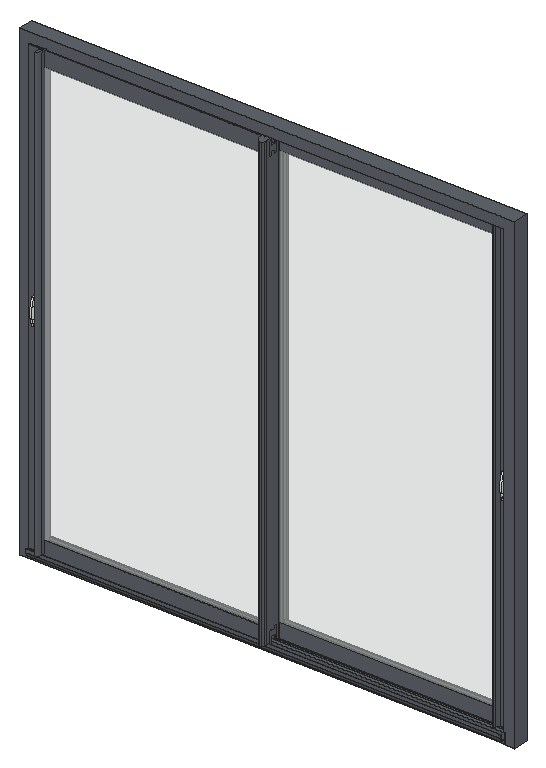
Revit family "Wicslide_65_Glass24_2_leaf_2_track_both_sliding_or_1_fixed_1slide", category Doors, host Wall, Revit 2014 (continued)
Definition of nested family "Leaf_Wicslide_65_2_leaf_2_track_both_sliding_or_1_fixed_1slide"
  Definition of nested family "wicona_handle_2d"
    Lines and regions (mm)
      model lines, style "PIECES", in view "Ref. Level", detail levels fine
        curve 8: line (-4.591, -26.312, 0) -> (4.591, -26.312, 0)
        curve 9: line (-5.814, -25, 0) -> (-6.068, -10.451, 0)
        curve 10: line (-6.068, -10.451, 0) -> (-6.221, -10.26, 0)
        curve 11: line (5.815, -24.927, 0) -> (6.068, -10.451, 0)
        curve 12: line (6.068, -10.451, 0) -> (6.221, -10.26, 0)
        curve 13: line (11.211, -7.242, 0) -> (10.341, -7.762, 0)
        curve 14: line (10.341, -7.762, 0) -> (9.463, -8.24, 0)
        curve 15: line (9.463, -8.24, 0) -> (8.565, -8.68, 0)
        curve 16: line (8.565, -8.68, 0) -> (7.649, -9.083, 0)
        curve 17: line (7.505, -9.142, 0) -> (7.006, -9.364, 0)
        curve 18: line (-13.393, -7.367, 0) -> (-13.886, -6.543, 0)
        curve 19: line (-13.886, -6.543, 0) -> (-14, 0, 0)
        curve 20: line (-14, 0, 0) -> (11.805, 0, 0)
        curve 21: line (11.805, 0, 0) -> (11.786, -1, 0)
        curve 22: line (11.786, -1, 0) -> (11.766, -2, 0)
        curve 23: line (11.766, -2, 0) -> (11.747, -2.999, 0)
        curve 24: line (11.747, -2.999, 0) -> (11.727, -3.999, 0)
        curve 25: line (11.727, -3.999, 0) -> (11.708, -4.999, 0)
        curve 26: line (11.708, -4.999, 0) -> (11.688, -5.999, 0)
        curve 27: line (11.688, -5.999, 0) -> (11.68, -6.413, 0)
        curve 28: line (12.793, -0.754, 0) -> (13.413, -1.137, 0)
        curve 29: line (13.413, -1.137, 0) -> (14.151, -1.812, 0)
        curve 30: line (14.151, -1.812, 0) -> (14.853, -2.523, 0)
        curve 31: line (14.853, -2.523, 0) -> (15.519, -3.269, 0)
        curve 32: line (15.519, -3.269, 0) -> (16.149, -4.046, 0)
        curve 33: line (16.149, -4.046, 0) -> (16.743, -4.851, 0)
        curve 34: line (16.743, -4.851, 0) -> (17.301, -5.68, 0)
        curve 35: line (17.301, -5.68, 0) -> (17.61, -6.174, 0)
        curve 36: line (12.052, -0.6, 0) -> (12.765, -0.743, 0)
        curve 37: line (17.643, -6.231, 0) -> (18.091, -7.125, 0)
        curve 38: line (18.091, -7.125, 0) -> (18.508, -8.034, 0)
        curve 39: line (18.508, -8.034, 0) -> (18.897, -8.955, 0)
        curve 40: line (18.897, -8.955, 0) -> (19.257, -9.888, 0)
        curve 41: line (19.257, -9.888, 0) -> (19.59, -10.831, 0)
        curve 42: line (19.59, -10.831, 0) -> (19.895, -11.783, 0)
        curve 43: line (19.895, -11.783, 0) -> (20.172, -12.744, 0)
        curve 44: line (20.172, -12.744, 0) -> (20.422, -13.712, 0)
        curve 45: line (20.422, -13.712, 0) -> (20.645, -14.687, 0)
        curve 46: line (20.645, -14.687, 0) -> (20.841, -15.667, 0)
        curve 47: line (20.841, -15.667, 0) -> (21.011, -16.653, 0)
        curve 48: line (21.011, -16.653, 0) -> (21.043, -16.863, 0)
        curve 49: line (21.043, -16.863, 0) -> (20.974, -17.852, 0)
        curve 50: line (20.974, -17.852, 0) -> (20.702, -18.43, 0)
        curve 51: line (20.702, -18.43, 0) -> (20.014, -19.149, 0)
        curve 52: line (20.014, -19.149, 0) -> (19.107, -19.554, 0)
        curve 53: line (19.107, -19.554, 0) -> (18.664, -19.6, 0)
        curve 54: line (18.664, -19.6, 0) -> (16.934, -19.6, 0)
        curve 55: line (16.934, -19.6, 0) -> (15.934, -19.6, 0)
        curve 56: line (15.934, -19.6, 0) -> (14.934, -19.6, 0)
        curve 57: line (14.934, -19.6, 0) -> (13.934, -19.6, 0)
        curve 58: line (13.934, -19.6, 0) -> (13.413, -19.6, 0)
        curve 59: line (13.413, -19.6, 0) -> (12.446, -19.377, 0)
        curve 60: line (12.446, -19.377, 0) -> (11.651, -18.781, 0)
        curve 61: line (11.651, -18.781, 0) -> (11.243, -18.216, 0)
        curve 62: line (11.243, -18.216, 0) -> (10.768, -17.336, 0)
        curve 63: line (10.768, -17.336, 0) -> (10.324, -16.441, 0)
        curve 64: line (10.324, -16.441, 0) -> (9.909, -15.531, 0)
        curve 65: line (9.909, -15.531, 0) -> (9.525, -14.608, 0)
        curve 66: line (9.525, -14.608, 0) -> (9.171, -13.672, 0)
        curve 67: line (9.162, -13.647, 0) -> (8.966, -12.67, 0)
        curve 68: line (8.963, -12.62, 0) -> (8.951, -12.312, 0)
        curve 69: arc (-5.814, -25, 0) -> (-5.429, -25.928, 0) -> (-4.501, -26.312, 0) r 1.312
        curve 70: arc (4.591, -26.312, 0) -> (5.454, -25.955, 0) -> (5.812, -25.091, 0) r 1.221
Definition of nested family "Leaf_Wicslide_65_2_leaf_2_track_both_sliding_or_1_fixed_1slide_right"
  Parameters (values of type "Leaf_Wicslide_65_2_leaf_2_track_both_sliding_or_1_fixed_1slide_right")
    Sash meeting 3041242 = yes
    Sash meeting 3041240 = no
    Sash meeting 3041241 = no
    Sash 1041263 = no
    Sash 1041260 = no
    Sash 1041261 = yes
    Sash 1041262 = no
    Handle Distance = if(Sash 1041260, 18 mm, if(Sash 1041261, 41 mm, if(Sash 1041262, 38 mm, 18 mm)))  # 41 mm
    Leaf Width = 896 mm
    Leaf Material = Aluminium
    Leaf Height = 1922 mm
    Handle Material = Aluminium
    Handle Height = 850 mm  # constant formula
    Glass Width = 24 mm
    Glass Offset 2 = 7 mm  # constant formula
    Glass Offset = 46.1 mm  # constant formula
    Glass Material = WICONA -  Glass
    Glas Offset Bottom = 46.6 mm
    Frame Material = Aluminium
  Reference planes
    plane 1 "Center (Front/Back)": y = 0
    plane 2: z = 0
    plane 3 "Center (Left/Right)": x = 0
    plane 4: x = 896
    plane 5: z = 1922
    plane 6: x = 46.1
    plane 7: x = 889
    plane 8: z = 1875.4
    plane 9: z = 46.6
    plane 10: z = 896.6
    plane 11: x = 58.1
    plane 12: y = -12.117
    plane 13: y = 11.883
    plane 14: y = 7.334
    plane 15: y = 31.334
    plane 16: x = -3.312
    plane 17: x = 899.312
    plane 18: z = 46.6
    plane 19: y = -41
    plane 20: x = 20
    plane 21: z = 960.237
    plane 22: z = 1923.516
    plane 23: x = -1.516
    plane 24: y = -22.045
    plane 25: z = -5.306
    plane 26: z = 25
    plane 27: z = 1932.5
    plane 28: z = 1902.5
  Forms (mm)
    Sweep 1, solid, material "Aluminium" <- "Leaf Material", visible <- "Sash 1041260"
      path origin (-1.381, 0, 34.551) x (1, 0, 0) y (0, 0, 1)
        loop
          line (0, -39.551) -> (0, 1897.949)
      profile origin (-1.381, 0, 963.75) x (-1, 0, 0) y (0, -1, 0)
        loop
          line (-59.481, -18) -> (8.519, -18) -> (8.519, -12.6) -> (-13.431, -12.6) -> (-13.431, 12.6) -> (8.519, 12.6) -> (8.519, 18) -> (-59.395, 18) -> (-59.395, 12.117) -> (-47.481, 12.117) -> (-47.481, -11.883) -> (-59.481, -11.883) -> (-59.481, -18)
    Extrusion 2, solid, material "WICONA -  Glass" <- "Glass Material", detail levels medium+fine
      sketch origin (-214.248, -550.766, -473.088) x (1, 0, 0) y (0, 0, 1)
        loop
          line (260.348, 2348.488) -> (260.348, 519.688) -> (1103.248, 519.688) -> (1103.248, 2348.488) -> (260.348, 2348.488)
      from -562.649 to -538.649
    Sweep 3, solid, material "Aluminium" <- "Leaf Material"
      path origin (0, 0, 0) x (1, 0, 0) y (0, 0, 1)
        loop
          line (12.05, 0) -> (914.975, 0)
      profile origin (463.512, 0, 0) x (0, 0, 1) y (0, -1, 0)
        loop
          line (-5.306, -16.029) -> (58.694, -16.029) -> (58.694, -11.883) -> (46.634, -11.883) -> (46.634, 12.117) -> (58.694, 12.117) -> (58.694, 16.171) -> (-5.306, 16.171) -> (-5.306, 12.671) -> (25, 12.671) -> (25, -12.517) -> (-5.306, -12.517) -> (-5.306, -16.029)
    Sweep 4, solid, material "Aluminium" <- "Leaf Material", visible <- "Sash meeting 3041240"
      path origin (0, 0, 0) x (1, 0, 0) y (0, 0, 1)
        loop
          line (896, 1932.5) -> (896, -5)
      profile origin (896, 0, 963.75) x (0, -1, 0) y (1, 0, 0)
        loop
          line (18, -19.026) -> (18, 0) -> (27.453, 0) -> (27.453, 18.975) -> (-18, 18.975) -> (-18, -19.026) -> (-12.117, -19.026) -> (-12.117, -7.023) -> (11.883, -7.023) -> (11.883, -19.026) -> (18, -19.026)
    Sweep 5, solid, material "Aluminium" <- "Leaf Material", visible <- "Sash 1041263"
      path origin (0, 0, 0) x (1, 0, 0) y (0, 0, 1)
        loop
          line (0, -5) -> (0, 1932.5)
      profile origin (0, 0, 963.75) x (-1, 0, 0) y (0, -1, 0)
        loop
          line (9.9, -18) -> (9.9, -12.6) -> (-12.05, -12.6) -> (-12.05, 12.6) -> (9.9, 12.6) -> (9.9, 18) -> (-41.1, 18) -> (-41.1, 43) -> (-42.787, 50.915) -> (-43.872, 52) -> (-47.182, 52)
          arc (-47.182, 52) -> (-54.565, 40.341) -> (-58.1, 27) r 45.352
          line (-58.1, 27) -> (-58.1, -18) -> (9.9, -18)
    Sweep 6, solid, material "Aluminium" <- "Leaf Material", visible <- "Sash 1041262"
      path origin (0, 0, 0) x (1, 0, 0) y (0, 0, 1)
        loop
          line (0, -5.306) -> (0, 1932.5)
      profile origin (0, 0, 963.597) x (-1, 0, 0) y (0, -1, 0)
        loop
          line (-58.1, -18) -> (9.9, -18) -> (9.9, -12.6) -> (-12.05, -12.6) -> (-12.05, 12.6) -> (9.9, 12.6) -> (9.9, 18) -> (-6.1, 18) -> (-6.1, 38) -> (-58.1, 38) -> (-58.1, 12.117) -> (-46.1, 12.117) -> (-46.1, -11.883) -> (-58.1, -11.883) -> (-58.1, -18)
    Sweep 7, solid, material "Aluminium" <- "Leaf Material", visible <- "Sash 1041261"
      path origin (0, 0, 0) x (1, 0, 0) y (0, 0, 1)
        loop
          line (0, -5.306) -> (0, 1932.5)
      profile origin (0, 0, 963.597) x (-1, 0, 0) y (0, -1, 0)
        loop
          line (9.9, -18) -> (9.9, -12.6) -> (-12.05, -12.6) -> (-12.05, 12.6) -> (9.9, 12.6) -> (9.9, 41) -> (-58.1, 41) -> (-58.1, 12.117) -> (-46.136, 12.117) -> (-46.136, -11.883) -> (-58.1, -11.883) -> (-58.1, -18) -> (9.9, -18)
    Sweep 8, solid, material "Aluminium" <- "Leaf Material", visible <- "Sash meeting 3041242"
      path origin (0, 0, 0) x (1, 0, 0) y (0, 0, 1)
        loop
          line (896, -5) -> (896, 1932.5)
      profile origin (896, 0, 963.75) x (-1, 0, 0) y (0, -1, 0)
        loop
          line (0, 27.453) -> (-18.975, 27.453) -> (-18.975, -37.547) -> (-17.979, -45.657) -> (-14.994, -56.798) -> (-13.135, -57.8) -> (-7.45, -57.8)
          arc (-7.45, -57.8) -> (9.037, -45.04) -> (19.026, -26.74) r 50.906
          line (19.026, -26.74) -> (19.026, -12.117) -> (7, -12.117) -> (7, 11.883) -> (19.026, 11.883) -> (19.026, 18) -> (0, 18) -> (0, 27.453)
    Sweep 9, solid, material "Aluminium" <- "Leaf Material", visible <- "Sash meeting 3041241"
      path origin (0, 0, 0) x (1, 0, 0) y (0, 0, 1)
        loop
          line (896, -5) -> (896, 1932.5)
      profile origin (896, 0, 963.75) x (-1, 0, 0) y (0, -1, 0)
        loop
          line (0, 27.453) -> (-18.975, 27.453) -> (-18.975, -52.8) -> (19.026, -52.8) -> (19.026, -12.117) -> (7.023, -12.117) -> (7.023, 11.883) -> (19.026, 11.883) -> (19.026, 18) -> (0, 18) -> (0, 27.453)
    Sweep 10, solid, material "Aluminium" <- "Leaf Material"
      path origin (0, 0, 0) x (1, 0, 0) y (0, 0, 1)
        loop
          line (12.05, 1922) -> (914.975, 1922)
      profile origin (463.512, 0, 1922) x (0, 0, 1) y (0, -1, 0)
        loop
          line (10.5, 16.029) -> (-57.541, 16.029) -> (-57.541, 12.037) -> (-41.44, 12.037) -> (-41.44, -11.963) -> (-57.541, -11.963) -> (-57.541, -16.171) -> (10.5, -16.171) -> (10.5, -12.671) -> (-19.5, -12.671) -> (-19.5, 12.529) -> (10.5, 12.529) -> (10.5, 16.029)
    Extrusion 11, void
      sketch origin (0, 0, 0) x (1, 0, 0) y (0, 1, 0)
        loop
          line (921.29, 11.883) -> (889, 11.883) -> (889, -12.117) -> (921.29, -12.117) -> (921.29, 11.883)
      from -5.306 to 25
    Extrusion 12, void
      sketch origin (0, 0, 0) x (1, 0, 0) y (0, 1, 0)
        loop
          line (920.814, 11.883) -> (889, 11.883) -> (889, -12.117) -> (920.814, -12.117) -> (920.814, 11.883)
      from 1902.5 to 1932.5
  Cuts and joins
    Extrusion 11, Extrusion 12 cuts Extrusion 2
    Extrusion 11, Extrusion 12 cuts Sweep 3
    Extrusion 11 cuts Sweep 4
    Extrusion 11, Extrusion 12 cuts Sweep 8
    Extrusion 11 cuts Sweep 9
  Lines and regions (mm)
    symbolic lines, style "GenericModel", detail levels medium+fine
      curve 1: line (62.7, 0, 0) -> (874, 0, 0)
      curve 2: line (0, 11.883, 1875.4) -> (0, 11.883, 46.6)
      curve 3: line (0, -12.117, 1875.4) -> (0, -12.117, 46.6)
      curve 4: line (0, 0, 1875.4) -> (0, 0, 46.6)
      curve 5: line (46.1, 0, 0) -> (889, 0, 0)
  Dimensions and locks
    "Leaf Width": plane 3 "Center (Left/Right)" to plane 4
    "Leaf Height": plane 5 to level
    "Glass Offset": plane 3 "Center (Left/Right)" to plane 6
    "Glass Offset 2": plane 7 to plane 4
    "Glas Offset Bottom": plane 5 to plane 8
    level to plane 10 = 896.6 mm
    "Glass Width": plane 15 to plane 14
    "Handle Height": plane 10 to plane 9
    "Glas Offset Bottom": plane 9 to level
    locked: plane 3 "Center (Left/Right)" to plane 16 at 3.312
    locked: plane 17 to plane 4 at 3.312
    locked: plane 3 "Center (Left/Right)" to plane 20 at 20
    "Handle Distance": plane 19 to plane 1 "Center (Front/Back)"
    plane 21 to level = 960.237 mm
    plane 24 to plane 1 "Center (Front/Back)" = 22.045 mm
    plane 26 to level to plane 25 = 25 mm locked, 5.306 mm locked
    plane 27 to plane 5 to plane 28 = 10.5 mm locked, 19.5 mm locked
    aligned and locked: level to plane 2
    aligned and locked: plane 6 to nested 1
    aligned and locked: plane 7 to nested 1
    aligned and locked: plane 12 to nested 1
    aligned and locked: nested 2 to plane 8
    aligned and locked: nested 2 to plane 9
    aligned and locked: plane 12 to nested 2
    aligned and locked: plane 6 to curve 5
    aligned and locked: plane 7 to curve 5
    aligned and locked: plane 9 to plane 18
    aligned and locked: nested 3 to plane 3 "Center (Left/Right)"
    aligned and locked: nested 3 to plane 1 "Center (Front/Back)"
    aligned and locked: nested 4 to level
    aligned and locked: nested 4 to plane 1 "Center (Front/Back)"
    aligned and locked: nested 5 to plane 1 "Center (Front/Back)"
    aligned and locked: nested 5 to plane 3 "Center (Left/Right)"
    aligned and locked: nested 6 to plane 1 "Center (Front/Back)"
    aligned and locked: nested 6 to plane 3 "Center (Left/Right)"
    aligned and locked: nested 7 to plane 1 "Center (Front/Back)"
    aligned and locked: nested 7 to plane 3 "Center (Left/Right)"
    aligned and locked: Extrusion 2 to plane 6
    aligned and locked: plane 7 to Extrusion 2
    aligned and locked: plane 8 to Extrusion 2
    aligned and locked: Extrusion 2 to plane 9
    aligned and locked: Extrusion 2 to plane 13
    aligned and locked: plane 12 to Extrusion 2
    aligned and locked: nested 8 to plane 1 "Center (Front/Back)"
    aligned and locked: nested 7 to nested 8
    aligned and locked: plane 19 to nested 9
    aligned and locked: nested 9 to plane 20
    aligned and locked: plane 21 to nested 9
    aligned and locked: plane 5 to nested 10
    aligned and locked: plane 1 "Center (Front/Back)" to nested 10
    aligned and locked: Sweep 10 to Sweep 4 sketch curve
    aligned and locked: Sweep 10 to Sweep 9 sketch curve
    aligned and locked: Sweep 10 to Sweep 8 sketch curve
    aligned and locked: Sweep 10 to Sweep 7 sketch curve
    aligned and locked: Sweep 10 to Sweep 6 sketch curve
    aligned and locked: Sweep 10 to Sweep 5 sketch curve
    aligned and locked: Sweep 10 to Sweep 1 sketch curve
    aligned and locked: nested 11 to plane 4
    aligned and locked: nested 11 to plane 1 "Center (Front/Back)"
    aligned and locked: nested 13 to plane 4
    aligned and locked: nested 13 to plane 1 "Center (Front/Back)"
    aligned and locked: nested 12 to plane 1 "Center (Front/Back)"
    aligned and locked: nested 12 to plane 4
    aligned and locked: Sweep 7 to Sweep 3 sketch curve
    aligned and locked: nested 14 to plane 19
    aligned and locked: nested 14 to plane 20
    aligned and locked: cut or joined group of Sweep 9, Extrusion 11 to plane 25
    aligned and locked: cut or joined group of Sweep 9, Extrusion 11 to plane 7
    aligned and locked: plane 26 to cut or joined group of Sweep 9, Extrusion 11
    aligned and locked: plane 27 to cut or joined group of Sweep 8, Extrusion 11, Extrusion 12
    aligned and locked: cut or joined group of Sweep 8, Extrusion 11, Extrusion 12 to plane 7
    aligned and locked: cut or joined group of Sweep 8, Extrusion 11, Extrusion 12 to plane 28
  Automatic sketch dimensions
    curve 3 to plane 8 = 0 mm
    curve 3 to plane 12 = 0 mm
    curve 4 to plane 1 "Center (Front/Back)" = 0 mm
    curve 2 to plane 9 = 0 mm
    curve 2 to plane 13 = 0 mm
    curve 3 to plane 9 = 0 mm
    curve 4 to plane 9 = 0 mm
    curve 4 to plane 8 = 0 mm
    curve 2 to plane 8 = 0 mm
    plane 1 "Center (Front/Back)" to curve 1 = 0 mm
    plane 1 "Center (Front/Back)" to curve 5 = 0 mm
    curve 1 to plane 11 = 4.6 mm
    curve 1 to plane 7 = 15 mm
    plane 23 to Sweep 1 sketch curve = 0.135 mm
    plane 25 to Sweep 1 sketch curve = 0.306 mm
    Sweep 1 sketch curve to profile plane = 11.883 mm
    profile plane to Sweep 1 sketch curve = 59.481 mm
    Sweep 1 sketch curve to Sweep 1 sketch curve = 0.086 mm
    Sweep 1 sketch curve to Sweep 1 sketch curve = 11.914 mm
    profile plane to Sweep 1 sketch curve = 13.431 mm
    Sweep 1 sketch curve to profile plane = 8.519 mm  (x2)
    Sweep 1 sketch curve to profile plane = 12.6 mm
    Sweep 1 sketch curve to Sweep 1 sketch curve = 6.117 mm
    profile plane to Sweep 1 sketch curve = 12.117 mm
    profile plane to Sweep 1 sketch curve = 12.6 mm
    Sweep 1 sketch curve to Sweep 1 sketch curve = 5.4 mm
    Extrusion 2 sketch curve to plane 6 = 0 mm
    Extrusion 2 sketch curve to plane 7 = 0 mm
    Extrusion 2 sketch curve to plane 9 = 0 mm
    Extrusion 2 sketch curve to plane 8 = 0 mm
    Sweep 3 sketch curve to level = 0 mm
    plane 17 to Sweep 3 sketch curve = 15.663 mm
    profile plane to Sweep 3 sketch curve = 5.306 mm  (x2)
    Sweep 3 sketch curve to plane 18 = 21.6 mm
    plane 18 to Sweep 3 sketch curve = 0.034 mm
    plane 18 to Sweep 3 sketch curve = 12.094 mm
    Sweep 3 sketch curve to Sweep 3 sketch curve = 12.06 mm
    Sweep 3 sketch curve to plane 1 "Center (Front/Back)" = 16.029 mm
    Sweep 3 sketch curve to Sweep 3 sketch curve = 3.512 mm
    Sweep 3 sketch curve to plane 1 "Center (Front/Back)" = 11.883 mm
    plane 1 "Center (Front/Back)" to Sweep 3 sketch curve = 12.117 mm
    plane 1 "Center (Front/Back)" to Sweep 3 sketch curve = 12.671 mm
    Sweep 3 sketch curve to Sweep 3 sketch curve = 4.054 mm
    Sweep 4 sketch curve to plane 4 = 0 mm
    plane 25 to Sweep 4 sketch curve = 0.306 mm
    Sweep 4 sketch curve to profile plane = 0 mm
    Sweep 4 sketch curve to plane 1 "Center (Front/Back)" = 18 mm
    Sweep 4 sketch curve to Sweep 4 sketch curve = 5.883 mm
    plane 1 "Center (Front/Back)" to Sweep 4 sketch curve = 11.883 mm
    Sweep 4 sketch curve to Sweep 4 sketch curve = 6.117 mm
    Sweep 4 sketch curve to Sweep 4 sketch curve = 9.453 mm
    profile plane to Sweep 4 sketch curve = 7.023 mm
    Sweep 4 sketch curve to Sweep 4 sketch curve = 12.003 mm  (x2)
    Sweep 4 sketch curve to profile plane = 18.975 mm
    Sweep 5 sketch curve to plane 3 "Center (Left/Right)" = 0 mm
    plane 25 to Sweep 5 sketch curve = 0.306 mm
    Sweep 5 sketch curve to plane 1 "Center (Front/Back)" = 18 mm
    profile plane to Sweep 5 sketch curve = 58.1 mm
    Sweep 5 sketch curve to Sweep 5 sketch curve = 10.918 mm
    Sweep 5 sketch curve to Sweep 5 sketch curve = 3.31 mm
    Sweep 5 sketch curve to Sweep 5 sketch curve = 1.085 mm  (x2)
    Sweep 5 sketch curve to Sweep 5 sketch curve = 1.687 mm
    profile plane to Sweep 5 sketch curve = 13.004 mm
    Sweep 5 sketch curve to Sweep 5 sketch curve = 0.954 mm
    Sweep 5 sketch curve to profile plane = 9.9 mm  (x2)
    Sweep 5 sketch curve to plane 1 "Center (Front/Back)" = 12.6 mm
    plane 1 "Center (Front/Back)" to Sweep 5 sketch curve = 12.6 mm
    Sweep 5 sketch curve to Sweep 5 sketch curve = 5.4 mm
    Sweep 5 sketch curve to Sweep 5 sketch curve = 9.59 mm
    Sweep 5 sketch curve to Sweep 5 sketch curve = 9 mm  (x2)
    Sweep 6 sketch curve to plane 3 "Center (Left/Right)" = 0 mm
    Sweep 6 sketch curve to plane 25 = 0 mm
    Sweep 6 sketch curve to plane 1 "Center (Front/Back)" = 18 mm
    profile plane to Sweep 6 sketch curve = 58.1 mm
    Sweep 6 sketch curve to Sweep 6 sketch curve = 0 mm
    Sweep 6 sketch curve to Sweep 6 sketch curve = 12 mm
    profile plane to Sweep 6 sketch curve = 12.05 mm
    profile plane to Sweep 6 sketch curve = 6.1 mm
    Sweep 6 sketch curve to profile plane = 9.9 mm  (x2)
    Sweep 6 sketch curve to Sweep 6 sketch curve = 5.4 mm  (x2)
    Sweep 6 sketch curve to Sweep 6 sketch curve = 6.117 mm
    plane 1 "Center (Front/Back)" to Sweep 6 sketch curve = 12.117 mm
    plane 1 "Center (Front/Back)" to Sweep 6 sketch curve = 12.6 mm
    Sweep 6 sketch curve to Sweep 6 sketch curve = 25.883 mm
    Sweep 7 sketch curve to plane 3 "Center (Left/Right)" = 0 mm
    Sweep 7 sketch curve to plane 25 = 0 mm
    profile plane to Sweep 7 sketch curve = 58.1 mm
    Sweep 7 sketch curve to Sweep 7 sketch curve = 0 mm
    Sweep 7 sketch curve to Sweep 7 sketch curve = 11.964 mm
    profile plane to Sweep 7 sketch curve = 12.05 mm
    Sweep 7 sketch curve to profile plane = 9.9 mm  (x2)
    Sweep 7 sketch curve to plane 1 "Center (Front/Back)" = 18 mm
    Sweep 7 sketch curve to Sweep 7 sketch curve = 5.4 mm
    Sweep 7 sketch curve to plane 1 "Center (Front/Back)" = 11.883 mm
    plane 1 "Center (Front/Back)" to Sweep 7 sketch curve = 12.117 mm
    plane 1 "Center (Front/Back)" to Sweep 7 sketch curve = 12.6 mm
    Sweep 7 sketch curve to Sweep 7 sketch curve = 28.4 mm
    Sweep 8 sketch curve to plane 4 = 0 mm
    plane 25 to Sweep 8 sketch curve = 0.306 mm
    Sweep 8 sketch curve to profile plane = 0 mm
    profile plane to Sweep 8 sketch curve = 7.45 mm
    Sweep 8 sketch curve to Sweep 8 sketch curve = 5.685 mm
    Sweep 8 sketch curve to Sweep 8 sketch curve = 1.859 mm
    Sweep 8 sketch curve to Sweep 8 sketch curve = 2.985 mm
    profile plane to Sweep 8 sketch curve = 18.975 mm
    Sweep 8 sketch curve to plane 1 "Center (Front/Back)" = 12.015 mm
    Sweep 8 sketch curve to Sweep 8 sketch curve = 10.729 mm
    Sweep 8 sketch curve to profile plane = 7 mm
    Sweep 8 sketch curve to Sweep 8 sketch curve = 12.026 mm  (x2)
    Sweep 8 sketch curve to plane 1 "Center (Front/Back)" = 12.117 mm
    Sweep 8 sketch curve to Sweep 8 sketch curve = 14.623 mm
    Sweep 8 sketch curve to Sweep 8 sketch curve = 20.253 mm
    Sweep 8 sketch curve to Sweep 8 sketch curve = 8.11 mm
    Sweep 8 sketch curve to Sweep 8 sketch curve = 1.002 mm
    plane 1 "Center (Front/Back)" to Sweep 8 sketch curve = 11.883 mm
    Sweep 8 sketch curve to Sweep 8 sketch curve = 6.117 mm
    Sweep 8 sketch curve to Sweep 8 sketch curve = 9.453 mm
    Sweep 9 sketch curve to plane 4 = 0 mm
    plane 25 to Sweep 9 sketch curve = 0.306 mm
    Sweep 9 sketch curve to profile plane = 0 mm
    profile plane to Sweep 9 sketch curve = 18.975 mm
    Sweep 9 sketch curve to profile plane = 7.023 mm
    Sweep 9 sketch curve to profile plane = 19.026 mm
    Sweep 9 sketch curve to Sweep 9 sketch curve = 12.003 mm
    Sweep 9 sketch curve to plane 1 "Center (Front/Back)" = 52.8 mm
    Sweep 9 sketch curve to plane 1 "Center (Front/Back)" = 12.117 mm
    plane 1 "Center (Front/Back)" to Sweep 9 sketch curve = 11.883 mm
    Sweep 9 sketch curve to Sweep 9 sketch curve = 6.117 mm
    Sweep 9 sketch curve to Sweep 9 sketch curve = 9.453 mm
    Sweep 10 sketch curve to plane 5 = 0 mm
    plane 20 to Sweep 10 sketch curve = 7.95 mm
    plane 17 to Sweep 10 sketch curve = 15.663 mm
    Sweep 10 sketch curve to plane 1 "Center (Front/Back)" = 16.171 mm
    profile plane to Sweep 10 sketch curve = 57.541 mm
    Sweep 10 sketch curve to Sweep 10 sketch curve = 0 mm
    Sweep 10 sketch curve to Sweep 10 sketch curve = 16.102 mm
    profile plane to Sweep 10 sketch curve = 19.5 mm
    Sweep 10 sketch curve to profile plane = 10.5 mm  (x2)
    Sweep 10 sketch curve to plane 1 "Center (Front/Back)" = 12.671 mm
    Sweep 10 sketch curve to Sweep 10 sketch curve = 4.208 mm
    plane 1 "Center (Front/Back)" to Sweep 10 sketch curve = 12.037 mm
    plane 1 "Center (Front/Back)" to Sweep 10 sketch curve = 12.529 mm
    Sweep 10 sketch curve to Sweep 10 sketch curve = 3.5 mm
    Extrusion 11 sketch curve to plane 7 = 0 mm
    plane 12 to Extrusion 11 sketch curve = 0 mm
    plane 13 to Extrusion 11 sketch curve = 0 mm
    plane 17 to Extrusion 11 sketch curve = 21.977 mm
    plane 7 to Extrusion 12 sketch curve = 0 mm
    plane 12 to Extrusion 12 sketch curve = 0 mm
    plane 13 to Extrusion 12 sketch curve = 0 mm
    plane 17 to Extrusion 12 sketch curve = 21.502 mm
  Nested families
    nested 1: "window_2_pieces_glass_line" at (46.1, -12.117, 0), type "T24"
      with built-in parameter 1001306 2.7654 (stored number, unit not read)
    nested 2: "window_2_pieces_glass_line" at (0, -12.117, 1875.4) x (0, 0, -1) z (1, 0, 0), type "T24"
      with built-in parameter 1001306 6 (stored number, unit not read)
    nested 3: "Sash Verticals_1041260" at (-9.9, 18, 0), visible <- "Sash 1041260", type "Sash Verticals_1041260"
    nested 4: "Sash_horizontal_1041264" at (0, 0, 0) x (0, 1, 0) z (1, 0, 0), type "Sash_horizontal_1041264"
    nested 5: "Sash Verticals_1041261" at (-9.9, 18, 0), visible <- "Sash 1041261", type "Sash Verticals_1041261"
    nested 6: "Sash Verticals_1041262" at (-9.9, 18, 0), visible <- "Sash 1041262", type "Sash Verticals_1041262"
    nested 7: "Sash Verticals_1041263" at (-9.9, 18, 0), visible <- "Sash 1041263", type "Sash Verticals_1041263"
    nested 8: "Sash_lock" at (-9.884, 18, 0), type "Sash_lock"
    nested 9: "wicona_handle_2" at (20, -41, 956.633) x (-1, 0, 0) z (0, 0, 1), type "wicona_handle_2", detail levels medium+fine
    nested 10: "Sash_horizontal_1041264" at (0, 0, 1927.194) x (0, -1, 0) z (1, 0, 0), type "Sash_horizontal_1041264"
    nested 11: "Sash meeting 3041240" at (896, -18, 0), visible <- "Sash meeting 3041240", type "Sash meeting 3041240"
    nested 12: "Sash meeting_3041242" at (896, -18, 0), visible <- "Sash meeting 3041242", type "Sash meeting_3041242"
    nested 13: "Sash meeting_3041241" at (896, -18, 0), visible <- "Sash meeting 3041241", type "Sash meeting_3041241"
    nested 14: "wicona_handle_2d" at (20, -41, 0), type "wicona_handle_2d"
  Definition of nested family "wicona_handle_2"
    Parameters (values of type "wicona_handle_2")
      Leaf Thickness = 119.445 mm
      Handle Material = Aluminium
    Reference planes
      plane 1 "Center (Front/Back)": y = 0
      plane 2: z = 0
      plane 3 "Center (Left/Right)": x = 0
      plane 4: x = -12.5
      plane 5: x = 12.5
      plane 6: y = -25
    Forms (mm)
      Extrusion 1, solid, material "Aluminium" <- "Handle Material"
        sketch origin (0, 0, 0) x (1, 0, 0) y (0, 0, 1)
          loop
            line (0, 24.936) -> (0, -24.936)
            arc (0, -24.936) -> (9.865, 0) -> (0, 24.936) r 36.45
        from 0 to 7.131
      Extrusion 2, solid, material "Aluminium" <- "Handle Material"
        sketch origin (0, 0, 0) x (0, 1, 0) y (0, 0, 1)
          loop
            line (0, 61.209) -> (-11.38, 61.209)
            arc (-11.38, 61.209) -> (-25.13, 4.31) -> (-11.38, -52.589) r 124.599
            line (-11.38, -52.589) -> (0, -52.589) -> (0, 61.209)
        from -4.798 to 4.287
      Extrusion 3, solid, material "Aluminium" <- "Handle Material"
        sketch origin (-0.471, 0, 3.281) x (0.788011, 0, 0.615661) y (-0.615661, 0, 0.788011)
          loop
            line (-12.5, 3.457) -> (-12.5, -1.543) -> (2.5, -1.543) -> (2.5, 3.457) -> (-12.5, 3.457)
        from 0 to 7.131
    Dimensions and locks
      aligned and locked: level to plane 2
  Definition of nested family "window_2_pieces_glass_line"
    Parameters (values of type "T24")
      v1 = 5 mm
      line = 10 mm
      built-in parameter 1001306 [instance] = 1200 mm
      Glass Thickness = 24 mm
    Reference planes
      plane 1 "Center (Front/Back)": y = 0
      plane 2: z = 0
      plane 3 "Left": x = 0
      plane 4 "Right": x = 1200
      plane 5: y = 24
      plane 6: y = 5
      plane 7: y = 19
      plane 8: x = 10
      plane 9: x = 1190
    Lines and regions (mm)
      reference lines, in view "Ref. Level"
        curve 1: line (0, 0, 0) -> (1200, 0, 0)
      detail lines, in view "Ref. Level", detail levels medium+fine
        curve 2: line (0, 24, 0) -> (1200, 24, 0)
        curve 3: line (0, 0, 0) -> (1200, 0, 0)
      detail lines, in view "Ref. Level", detail levels fine
        curve 4: line (0, 19, 0) -> (1200, 19, 0)
        curve 5: line (0, 5, 0) -> (1200, 5, 0)
      model lines, style "DetailComponents", in view "Ref. Level", detail levels fine
        curve 6: line (10, 19, 0) -> (10, 5, 0)
      detail lines, style "DetailComponents", in view "Ref. Level", detail levels fine
        curve 7: line (1190, 19, 0) -> (1190, 5, 0)
      model lines, style "DetailComponents", in view "Ref. Level", detail levels medium+fine
        curve 8: line (1200, 24, 0) -> (1200, 0, 0)
      detail lines, style "DetailComponents", in view "Ref. Level", detail levels medium+fine
        curve 9: line (0, 24, 0) -> (0, 0, 0)
    Dimensions and locks
      "built-in parameter 1001306": plane 3 "Left" to plane 4 "Right"
      "Glass Thickness": plane 5 to plane 1 "Center (Front/Back)"
      plane 5 to plane 1 "Center (Front/Back)" = 24 mm
      "v1": plane 5 to plane 7
      "v1": plane 6 to plane 1 "Center (Front/Back)"
      "line": plane 3 "Left" to plane 8
      "line": plane 9 to plane 4 "Right"
      aligned and locked: plane 1 "Center (Front/Back)" to curve 1
      aligned and locked: plane 3 "Left" to curve 1
      aligned and locked: plane 4 "Right" to curve 1
      aligned and locked: plane 5 to curve 2
      aligned and locked: plane 7 to curve 4
      aligned and locked: plane 6 to curve 5
      aligned and locked: curve 5 to curve 6
      aligned and locked: curve 6 to plane 8
      aligned and locked: curve 5 to curve 7
      aligned and locked: curve 7 to plane 9
      aligned and locked: plane 1 "Center (Front/Back)" to curve 9
      aligned and locked: curve 9 to plane 3 "Left"
      aligned and locked: curve 2 to curve 8
      aligned and locked: curve 3 to curve 8
      aligned and locked: curve 8 to plane 4 "Right"
      aligned and locked: curve 4 to curve 7
      aligned and locked: curve 4 to curve 6
    Automatic sketch dimensions
      curve 5 to plane 4 "Right" = 0 mm
      curve 4 to plane 4 "Right" = 0 mm
      curve 3 to plane 4 "Right" = 0 mm
      curve 2 to plane 4 "Right" = 0 mm
  Definition of nested family "Sash Verticals_1041260"
    Reference planes
      plane 1 "Center (Front/Back)": y = 0
      plane 2: z = 0
      plane 3 "Center (Left/Right)": x = 0
      plane 4: y = -36
      plane 5: y = -18
    Lines and regions (mm)
      Filled region 1, type "Concrete", in view "Ref. Level", detail levels medium
        outline origin (18.997, 3.58, 0) x (1, 0, 0) y (0, 1, 0)
          loop
            line (-18.997, -3.58) -> (-18.997, -39.58) -> (49.003, -39.58) -> (49.003, -33.697) -> (37.039, -33.697) -> (37.039, -9.697) -> (49.003, -9.697) -> (49.003, -3.58) -> (-18.997, -3.58)
      model lines, style "GLAS", in view "Ref. Level", detail levels fine
        curve 1: line (96.036, -6.117, 0) -> (56.036, -6.117, 0)
        curve 2: line (56.036, -6.117, 0) -> (56.036, -30.117, 0)
        curve 3: line (56.036, -30.117, 0) -> (96.036, -30.117, 0)
  Definition of nested family "Sash_horizontal_1041264"
    Reference planes
      plane 1 "Center (Front/Back)": y = 0
      plane 2: z = 0
      plane 3 "Center (Left/Right)": x = 0
    Lines and regions (mm)
      Filled region 1, type "Concrete", in view "Ref. Level", detail levels medium
        outline origin (18.997, 3.58, 0) x (1, 0, 0) y (0, 1, 0)
          loop
            line (-35.168, -8.845) -> (-2.968, -8.845) -> (-2.968, 59.155) -> (-6.959, 59.155) -> (-6.959, 43.054) -> (-30.959, 43.054) -> (-30.959, 59.155) -> (-35.168, 59.155) -> (-35.168, -8.845)
      detail lines, style "GLAS", in view "Ref. Level", detail levels fine
        curve 1: line (-11.963, 46.634, 0) -> (-11.963, 86.634, 0)
        curve 2: line (12.037, 86.634, 0) -> (12.037, 46.634, 0)
        curve 26: line (-11.963, 86.634, 0) -> (-11.963, 46.634, 0)
        curve 27: line (-11.963, 46.634, 0) -> (12.037, 46.634, 0)
        curve 28: line (12.037, 46.634, 0) -> (12.037, 86.634, 0)
      detail lines, style "CENT3", in view "Ref. Level", not visible
        curve 3: line (123.517, -4.599, 0) -> (123.517, -38.599, 0)
      detail lines, style "GLAS", in view "Ref. Level", not visible
        curve 4: line (83.517, -9.599, 0) -> (123.517, -9.599, 0)
        curve 5: line (123.517, -9.599, 0) -> (123.517, -14.599, 0)
        curve 6: line (123.517, -14.599, 0) -> (83.517, -14.599, 0)
        curve 7: line (83.517, -14.599, 0) -> (83.517, -9.599, 0)
        curve 8: line (83.517, -28.599, 0) -> (123.517, -28.599, 0)
        curve 9: line (123.517, -28.599, 0) -> (123.517, -33.599, 0)
        curve 10: line (123.517, -33.599, 0) -> (83.517, -33.599, 0)
        curve 11: line (83.517, -33.599, 0) -> (83.517, -28.599, 0)
        curve 12: line (83.517, -10.599, 0) -> (123.517, -10.599, 0)
        curve 13: line (83.517, -11.599, 0) -> (123.517, -11.599, 0)
        curve 14: line (83.517, -12.599, 0) -> (123.517, -12.599, 0)
        curve 15: line (83.517, -13.599, 0) -> (123.517, -13.599, 0)
        curve 16: line (83.517, -14.599, 0) -> (123.517, -14.599, 0)
        curve 17: line (93.517, -14.599, 0) -> (93.517, -28.599, 0)
        curve 18: line (83.517, -28.599, 0) -> (123.517, -28.599, 0)
        curve 19: line (83.517, -29.599, 0) -> (123.517, -29.599, 0)
        curve 20: line (83.517, -30.599, 0) -> (123.517, -30.599, 0)
        curve 21: line (83.517, -31.599, 0) -> (123.517, -31.599, 0)
        curve 22: line (83.517, -32.599, 0) -> (123.517, -32.599, 0)
        curve 23: line (123.517, -9.599, 0) -> (83.517, -9.599, 0)
        curve 24: line (83.517, -9.599, 0) -> (83.517, -33.599, 0)
        curve 25: line (83.517, -33.599, 0) -> (123.517, -33.599, 0)
      detail lines, style "GLAS", in view "Ref. Level", not visible, detail levels fine
        curve 29: line (56.036, -6.117, 0) -> (96.036, -6.117, 0)
        curve 30: line (96.036, -30.117, 0) -> (56.036, -30.117, 0)
        curve 31: line (96.036, -6.117, 0) -> (56.036, -6.117, 0)
        curve 32: line (56.036, -6.117, 0) -> (56.036, -30.117, 0)
        curve 33: line (56.036, -30.117, 0) -> (96.036, -30.117, 0)
  Definition of nested family "Sash Verticals_1041261"
    Reference planes
      plane 1 "Center (Front/Back)": y = 0
      plane 2: z = 0
      plane 3 "Center (Left/Right)": x = 0
      plane 4: y = -36
      plane 5: y = -18
    Lines and regions (mm)
      Filled region 1, type "Concrete", in view "Ref. Level", detail levels medium
        outline origin (18.997, 3.58, 0) x (1, 0, 0) y (0, 1, 0)
          loop
            line (-18.997, -3.58) -> (-18.997, -62.58) -> (49.003, -62.58) -> (49.003, -33.697) -> (37.039, -33.697) -> (37.039, -9.697) -> (49.003, -9.697) -> (49.003, -3.58) -> (-18.997, -3.58)
      model lines, style "GLAS", in view "Ref. Level", detail levels fine
        curve 1: line (96.036, -6.117, 0) -> (56.036, -6.117, 0)
        curve 2: line (56.036, -6.117, 0) -> (56.036, -30.117, 0)
        curve 3: line (56.036, -30.117, 0) -> (96.036, -30.117, 0)
  Definition of nested family "Sash Verticals_1041262"
    Reference planes
      plane 1 "Center (Front/Back)": y = 0
      plane 2: z = 0
      plane 3 "Center (Left/Right)": x = 0
      plane 4: y = -36
      plane 5: y = -18
    Lines and regions (mm)
      Filled region 1, type "Concrete", in view "Ref. Level", detail levels medium
        outline origin (18.997, 3.58, 0) x (1, 0, 0) y (0, 1, 0)
          loop
            line (-18.997, -3.58) -> (-18.997, -39.58) -> (-2.997, -39.58) -> (-2.997, -59.58) -> (49.003, -59.58) -> (49.003, -33.697) -> (37.039, -33.697) -> (37.039, -9.697) -> (49.003, -9.697) -> (49.003, -3.58) -> (-18.997, -3.58)
      model lines, style "GLAS", in view "Ref. Level", detail levels fine
        curve 1: line (96.036, -6.117, 0) -> (56.036, -6.117, 0)
        curve 2: line (56.036, -6.117, 0) -> (56.036, -30.117, 0)
        curve 3: line (56.036, -30.117, 0) -> (96.036, -30.117, 0)
  Definition of nested family "Sash Verticals_1041263"
    Reference planes
      plane 1 "Center (Front/Back)": y = 0
      plane 2: z = 0
      plane 3 "Center (Left/Right)": x = 0
      plane 4: y = -36
      plane 5: y = -18
    Lines and regions (mm)
      Filled region 1, type "Concrete", in view "Ref. Level", detail levels medium
        outline origin (18.997, 3.58, 0) x (1, 0, 0) y (0, 1, 0)
          loop
            line (-18.997, -3.58) -> (-18.997, -39.58) -> (32.003, -39.58) -> (32.003, -64.58) -> (33.69, -72.495) -> (34.775, -73.58) -> (38.085, -73.58)
            arc (38.085, -73.58) -> (45.468, -61.921) -> (49.003, -48.58) r 45.352
            line (49.003, -48.58) -> (49.003, -33.697) -> (37.039, -33.697) -> (37.039, -9.697) -> (49.003, -9.697) -> (49.003, -3.58) -> (-18.997, -3.58)
      model lines, style "GLAS", in view "Ref. Level", detail levels fine
        curve 1: line (96.036, -6.117, 0) -> (56.036, -6.117, 0)
        curve 2: line (56.036, -6.117, 0) -> (56.036, -30.117, 0)
        curve 3: line (56.036, -30.117, 0) -> (96.036, -30.117, 0)
  Definition of nested family "Sash_lock"
    Reference planes
      plane 1 "Center (Front/Back)": y = 0
      plane 2: z = 0
      plane 3 "Center (Left/Right)": x = 0
      plane 4: y = -36
      plane 5: y = -18
  Definition of nested family "Sash meeting 3041240"
    Reference planes
      plane 1 "Center (Front/Back)": y = 0
      plane 2: z = 0
      plane 3 "Center (Left/Right)": x = 0
      plane 4: y = -36
      plane 5: y = -18
      plane 6: x = 18.975
    Lines and regions (mm)
      Filled region 1, type "Concrete", in view "Ref. Level", detail levels medium
        outline origin (18.997, 3.58, 0) x (1, 0, 0) y (0, 1, 0)
          loop
            line (-0.022, -39.58) -> (-0.022, 5.873) -> (-18.997, 5.873) -> (-18.997, -3.58) -> (-38.023, -3.58) -> (-38.023, -9.697) -> (-26.02, -9.697) -> (-26.02, -33.697) -> (-38.023, -33.697) -> (-38.023, -39.58) -> (-0.022, -39.58)
      detail lines, style "GLAS", in view "Ref. Level", detail levels fine
        curve 1: line (-7.023, -6.117, 0) -> (-7.023, -30.117, 0)
  Definition of nested family "Sash meeting_3041242"
    Reference planes
      plane 1 "Center (Front/Back)": y = 0
      plane 2: z = 0
      plane 3 "Center (Left/Right)": x = 0
      plane 4: y = -36
      plane 5: y = -18
      plane 6: x = 18.975
    Lines and regions (mm)
      Filled region 1, type "Concrete", in view "Ref. Level", detail levels medium
        outline origin (18.997, 3.58, 0) x (1, 0, 0) y (0, 1, 0)
          loop
            line (-0.022, -59.127) -> (-0.022, 5.873) -> (-18.997, 5.873) -> (-18.997, -3.58) -> (-38.023, -3.58) -> (-38.023, -9.697) -> (-26.02, -9.697) -> (-26.02, -33.697) -> (-38.023, -33.697) -> (-38.023, -48.32)
            arc (-38.023, -48.32) -> (-28.034, -66.62) -> (-11.546, -79.38) r 50.906
            line (-11.546, -79.38) -> (-5.862, -79.38) -> (-4.003, -78.378) -> (-1.018, -67.237) -> (-0.022, -59.127)
      detail lines, style "GLAS", in view "Ref. Level", detail levels fine
        curve 1: line (-7.023, -6.117, 0) -> (-7.023, -30.117, 0)
  Definition of nested family "Sash meeting_3041241"
    Reference planes
      plane 1 "Center (Front/Back)": y = 0
      plane 2: z = 0
      plane 3 "Center (Left/Right)": x = 0
      plane 4: y = -36
      plane 5: y = -18
      plane 6: x = 18.975
    Lines and regions (mm)
      Filled region 1, type "Concrete", in view "Ref. Level", detail levels medium
        outline origin (18.997, 3.58, 0) x (1, 0, 0) y (0, 1, 0)
          loop
            line (-0.022, -74.38) -> (-0.022, 5.873) -> (-18.997, 5.873) -> (-18.997, -3.58) -> (-38.023, -3.58) -> (-38.023, -9.697) -> (-26.02, -9.697) -> (-26.02, -33.697) -> (-38.023, -33.697) -> (-38.023, -74.38) -> (-0.022, -74.38)
      detail lines, style "GLAS", in view "Ref. Level", detail levels fine
        curve 1: line (-7.023, -6.117, 0) -> (-7.023, -30.117, 0)
  Definition of nested family "wicona_handle_2d"
    Reference planes
      plane 1 "Center (Front/Back)": y = 0
      plane 2: z = 0
      plane 3 "Center (Left/Right)": x = 0
    Lines and regions (mm)
      Filled region 1, type "Concrete", in view "Ref. Level", detail levels medium
        outline origin (18.997, 3.58, 0) x (1, 0, 0) y (0, 1, 0)
          loop
            line (-32.997, -3.58) -> (-32.997, -9.933) -> (-24.997, -13.663) -> (-24.997, -27.833) -> (-22.937, -29.893) -> (-14.406, -29.893) -> (-13.407, -28.894) -> (-12.884, -13.903) -> (-10.056, -13.145) -> (-10.056, -16.127) -> (-7.132, -23.016) -> (0.376, -23.016) -> (1.978, -21.414) -> (0.932, -15.482) -> (-2.662, -8.313) -> (-7.394, -3.58) -> (-32.997, -3.58)
      model lines, style "PIECES", in view "Ref. Level", detail levels fine
        curve 1: arc (14, -1.6, 0) -> (13.707, -0.893, 0) -> (13, -0.6, 0) r 1
        curve 2: arc (6.221, -10.26, 0) -> (7.596, -9.888, 0) -> (8.949, -9.443, 0) r 26.5
        curve 3: arc (-13.393, -7.367, 0) -> (-9.913, -9.076, 0) -> (-6.221, -10.26, 0) r 26.5
        curve 4: arc (11.211, -7.242, 0) -> (11.535, -6.913, 0) -> (11.677, -6.473, 0) r 1
        curve 5: line (11.793, -0.6, 0) -> (12.052, -0.6, 0)
        curve 6: line (12.052, -0.6, 0) -> (13, -0.6, 0)
        curve 7: line (8.949, -12.262, 0) -> (8.949, -8.492, 0)
        curve 8: line (-4.591, -26.312, 0) -> (4.591, -26.312, 0)
        curve 9: line (-5.814, -25, 0) -> (-6.068, -10.451, 0)
        curve 10: line (-6.068, -10.451, 0) -> (-6.221, -10.26, 0)
        curve 11: line (5.815, -24.927, 0) -> (6.068, -10.451, 0)
        curve 12: line (6.068, -10.451, 0) -> (6.221, -10.26, 0)
        curve 13: line (11.211, -7.242, 0) -> (10.341, -7.762, 0)
        curve 14: line (10.341, -7.762, 0) -> (9.463, -8.24, 0)
        curve 15: line (9.463, -8.24, 0) -> (8.565, -8.68, 0)
        curve 16: line (8.565, -8.68, 0) -> (7.649, -9.083, 0)
        curve 17: line (7.505, -9.142, 0) -> (7.006, -9.364, 0)
        curve 18: line (-13.393, -7.367, 0) -> (-13.886, -6.543, 0)
        curve 19: line (-13.886, -6.543, 0) -> (-14, 0, 0)
        curve 20: line (-14, 0, 0) -> (11.805, 0, 0)
        curve 21: line (11.805, 0, 0) -> (11.786, -1, 0)
        curve 22: line (11.786, -1, 0) -> (11.766, -2, 0)
        curve 23: line (11.766, -2, 0) -> (11.747, -2.999, 0)
        curve 24: line (11.747, -2.999, 0) -> (11.727, -3.999, 0)
        curve 25: line (11.727, -3.999, 0) -> (11.708, -4.999, 0)
        curve 26: line (11.708, -4.999, 0) -> (11.688, -5.999, 0)
        curve 27: line (11.688, -5.999, 0) -> (11.68, -6.413, 0)
        curve 28: line (12.793, -0.754, 0) -> (13.413, -1.137, 0)
        curve 29: line (13.413, -1.137, 0) -> (14.151, -1.812, 0)
        curve 30: line (14.151, -1.812, 0) -> (14.853, -2.523, 0)
        curve 31: line (14.853, -2.523, 0) -> (15.519, -3.269, 0)
        curve 32: line (15.519, -3.269, 0) -> (16.149, -4.046, 0)
        curve 33: line (16.149, -4.046, 0) -> (16.743, -4.851, 0)
        curve 34: line (16.743, -4.851, 0) -> (17.301, -5.68, 0)
        curve 35: line (17.301, -5.68, 0) -> (17.61, -6.174, 0)
        curve 36: line (12.052, -0.6, 0) -> (12.765, -0.743, 0)
        curve 37: line (17.643, -6.231, 0) -> (18.091, -7.125, 0)
        curve 38: line (18.091, -7.125, 0) -> (18.508, -8.034, 0)
        curve 39: line (18.508, -8.034, 0) -> (18.897, -8.955, 0)
        curve 40: line (18.897, -8.955, 0) -> (19.257, -9.888, 0)
        curve 41: line (19.257, -9.888, 0) -> (19.59, -10.831, 0)
        curve 42: line (19.59, -10.831, 0) -> (19.895, -11.783, 0)
        curve 43: line (19.895, -11.783, 0) -> (20.172, -12.744, 0)
        curve 44: line (20.172, -12.744, 0) -> (20.422, -13.712, 0)
        curve 45: line (20.422, -13.712, 0) -> (20.645, -14.687, 0)
        curve 46: line (20.645, -14.687, 0) -> (20.841, -15.667, 0)
        curve 47: line (20.841, -15.667, 0) -> (21.011, -16.653, 0)
        curve 48: line (21.011, -16.653, 0) -> (21.043, -16.863, 0)
        curve 49: line (21.043, -16.863, 0) -> (20.974, -17.852, 0)
        curve 50: line (20.974, -17.852, 0) -> (20.702, -18.43, 0)
        curve 51: line (20.702, -18.43, 0) -> (20.014, -19.149, 0)
        curve 52: line (20.014, -19.149, 0) -> (19.107, -19.554, 0)
        curve 53: line (19.107, -19.554, 0) -> (18.664, -19.6, 0)
        curve 54: line (18.664, -19.6, 0) -> (16.934, -19.6, 0)
        curve 55: line (16.934, -19.6, 0) -> (15.934, -19.6, 0)
        curve 56: line (15.934, -19.6, 0) -> (14.934, -19.6, 0)
        curve 57: line (14.934, -19.6, 0) -> (13.934, -19.6, 0)
        curve 58: line (13.934, -19.6, 0) -> (13.413, -19.6, 0)
        curve 59: line (13.413, -19.6, 0) -> (12.446, -19.377, 0)
        curve 60: line (12.446, -19.377, 0) -> (11.651, -18.781, 0)
        curve 61: line (11.651, -18.781, 0) -> (11.243, -18.216, 0)
        curve 62: line (11.243, -18.216, 0) -> (10.768, -17.336, 0)
        curve 63: line (10.768, -17.336, 0) -> (10.324, -16.441, 0)
        curve 64: line (10.324, -16.441, 0) -> (9.909, -15.531, 0)
        curve 65: line (9.909, -15.531, 0) -> (9.525, -14.608, 0)
        curve 66: line (9.525, -14.608, 0) -> (9.171, -13.672, 0)
        curve 67: line (9.162, -13.647, 0) -> (8.966, -12.67, 0)
        curve 68: line (8.963, -12.62, 0) -> (8.951, -12.312, 0)
        curve 69: arc (-5.814, -25, 0) -> (-5.429, -25.928, 0) -> (-4.501, -26.312, 0) r 1.312
        curve 70: arc (4.591, -26.312, 0) -> (5.454, -25.955, 0) -> (5.812, -25.091, 0) r 1.221
Definition of nested family "Frame_1041231"
  Reference planes
    plane 1 "Center (Front/Back)": y = 0
    plane 2: z = 0
    plane 3 "Center (Left/Right)": x = 0
  Lines and regions (mm)
    Filled region 1, type "Concrete", in view "Ref. Level", detail levels medium
      outline origin (18.997, 3.58, 0) x (1, 0, 0) y (0, 1, 0)
        loop
          line (-18.997, -3.58) -> (-18.997, -68.58) -> (28.505, -68.58) -> (28.505, -56.58) -> (9.034, -56.58) -> (9.034, -15.58) -> (28.505, -15.58) -> (28.505, -3.58) -> (-18.997, -3.58)
Definition of nested family "Frame_1041226"
  Reference planes
    plane 1 "Center (Front/Back)": y = 0
    plane 2: z = 0
    plane 3 "Center (Left/Right)": x = 0
    plane 4: y = -65
  Lines and regions (mm)
    Filled region 1, type "Concrete", in view "Ref. Level", detail levels medium
      outline origin (18.997, 3.58, 0) x (1, 0, 0) y (0, 1, 0)
        loop
          line (-18.997, -3.58) -> (-18.997, -68.58) -> (-2.997, -68.58) -> (-2.997, -63.512) -> (-1.065, -61.58) -> (3.709, -61.58) -> (3.709, -70.58) -> (9.471, -70.58) -> (22.099, -68.58) -> (35.503, -68.58) -> (35.503, -56.58) -> (16.07, -56.58) -> (16.07, -15.58) -> (35.503, -15.58) -> (35.503, -3.58) -> (-18.997, -3.58)
Definition of nested family "Frame_Bottom_1041232"
  Reference planes
    plane 1 "Center (Front/Back)": y = 0
    plane 2: z = 0
    plane 3 "Center (Left/Right)": x = 0
    plane 4: y = -65
  Lines and regions (mm)
    Filled region 1, type "Concrete", in view "Ref. Level", detail levels medium
      outline origin (18.997, -68.58, 0) x (0, -1, 0) y (1, 0, 0)
        loop
          line (19.42, 13.237) -> (19.42, 28.505) -> (-15.58, 28.505) -> (-15.58, 9.034) -> (-56.58, 9.034) -> (-56.58, 28.505) -> (-68.58, 28.505) -> (-68.58, -18.997) -> (-3.58, -18.997) -> (-3.58, -2.747) -> (10.554, -2.747)
          arc (10.554, -2.747) -> (15.822, 4.781) -> (19.42, 13.237) r 44.207
Definition of nested family "Seal"
  Reference planes
    plane 1 "Center (Front/Back)": y = 0
    plane 2: z = 0
    plane 3 "Center (Left/Right)": x = 0
Definition of nested family "sliding door_coarse"
  Parameters (values of type "52")
    line = 52 mm
    built-in parameter 1001306 [instance] = 1400 mm
    Glass Thickness = 52 mm
  Types (4, lengths in mm): name | line | built-in parameter 1001306 | Glass Thickness
    36 | 36 | 1200 | 36
    40 | 40 | 1200 | 40
    44 | 44 | 1400 | 44
    52 | 52 | 1400 | 52
  Reference planes
    plane 1 "Center (Front/Back)": y = 0
    plane 2: z = 0
    plane 3 "Left": x = 0
    plane 4 "Right": x = 1400
    plane 5: y = 26
    plane 6: y = -26
    plane 7: x = 52
    plane 8: x = 1348
  Lines and regions (mm)
    reference lines, in view "Ref. Level"
      curve 1: line (52, 0, 0) -> (1348, 0, 0)
    detail lines, in view "Ref. Level", detail levels coarse
      curve 2: line (0, 26, 0) -> (1400, 26, 0)
      curve 3: line (0, -26, 0) -> (1400, -26, 0)
      curve 4: line (52, 0, 0) -> (1348, 0, 0)
    model lines, style "DetailComponents", in view "Ref. Level", detail levels coarse
      curve 5: line (1400, 26, 0) -> (1400, -26, 0)
    detail lines, style "DetailComponents", in view "Ref. Level", detail levels coarse
      curve 6: line (0, 26, 0) -> (0, -26, 0)
      curve 7: line (52, 26, 0) -> (52, -26, 0)
      curve 8: line (1348, 26, 0) -> (1348, -26, 0)
  Dimensions and locks
    "built-in parameter 1001306": plane 3 "Left" to plane 4 "Right"
    "line": plane 3 "Left" to plane 7
    "line": plane 8 to plane 4 "Right"
    "Glass Thickness": plane 5 to plane 6
    equal spacing: plane 5, plane 1 "Center (Front/Back)", plane 6
    aligned and locked: plane 1 "Center (Front/Back)" to curve 1
    aligned and locked: plane 5 to curve 2
    aligned and locked: curve 6 to plane 3 "Left"
    aligned and locked: curve 2 to curve 5
    aligned and locked: curve 3 to curve 5
    aligned and locked: curve 5 to plane 4 "Right"
    aligned and locked: curve 7 to plane 7
    aligned and locked: curve 8 to plane 5
    aligned and locked: curve 8 to plane 8
    aligned and locked: plane 7 to curve 4
    aligned and locked: plane 8 to curve 4
    aligned and locked: plane 6 to curve 3
    aligned and locked: curve 1 to curve 4
  Automatic sketch dimensions
    curve 3 to plane 4 "Right" = 0 mm
    curve 2 to plane 4 "Right" = 0 mm
    curve 1 to plane 8 = 0 mm
    curve 1 to plane 7 = 0 mm
